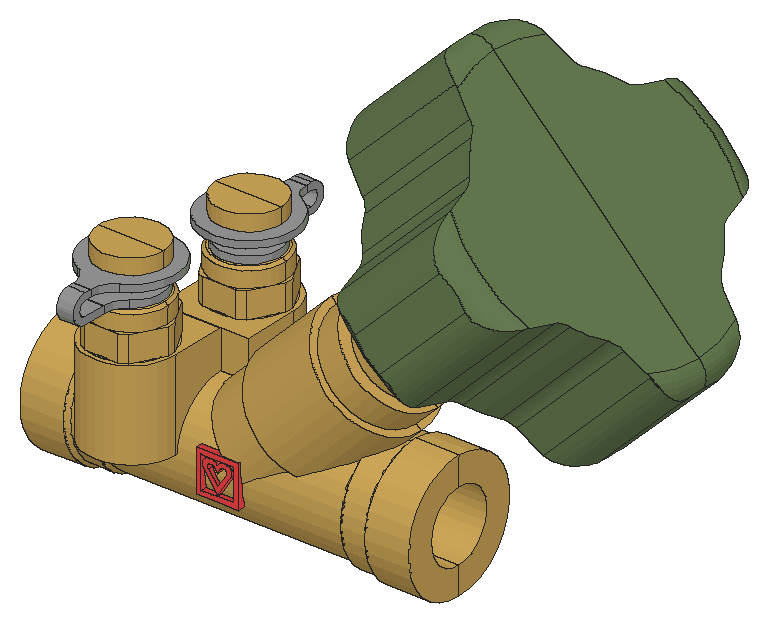
Revit family "Балансировочный клапан с диафрагмой для систем питьевого водоснабжения 4017 MW (LF-MF)", category Rohrzubehör, Revit 2019
Family settings
  Bemaßung runder Anschluss = Durchmesser verwenden
  Teiletyp = Unterbricht
  OmniClass-Nummer = 23.65.55.14
  OmniClass-Titel = Valves for Liquid Services
  Arbeitsebenenbasiert = Nein
  Immer vertikal = Ja
  Beim Laden mit Abzugskörper schneiden = Nein
  Gemeinsam genutzt = Nein
Parameters (values of type "MF")
  Среда = "Питьевая вода"  # constant formula
  Примечание = "В соответствии со статьей 33 Регламента REACH (Registration; Evaluation; Authorisation; Restriction of Chemicals) (EC № 1907/2006) мы обязаны указать, что свинец внесен в список SVHC (Substances of Very High Concern - вещества очень высокой важности) и весовой процент свинца во всех латунных компонентах заводского изготовления в наших изделиях, превышает 0,1 % (w/w) (CAS: 7439-92-1 / EINECS: 231-100-4).\r\nПоскольку свинец является легирующим компонентом сплава, прямое негативное влияние исключается, и поэтому дополнительной информации о безопасном использовании не требуется."
  Область применения = "Для перекрытия трубопроводов и регулирования систем питьевого водоснабжения в зданиях или для гидравлической балансировки водоподающих трубопроводов."
  Номер заказа [instance] = if(and(Nennweite = 15.000 mm, LF), 2401700, if(and(Nennweite = 15.000 mm, MF), 2401709, 0))  # 2401709
  Маховик = "пластик, цвет - зеленый"  # constant formula
  Корпус = "латунь, устойчивая к селективной цинковой коррозии"  # constant formula
  Исполнение = "В соответствии с нормами BS 7350 PN20, серия В, балансировочный клапан с наклонным шпинделем производится из медных сплавов.\r\nВсе металлические части, контактирующие с водой, изготовлены из латуни, устойчивой к селективной цинковой коррозии.\r\nКран-букса - с неподнимающимся шпинделем."
  kvs-значения [instance] = if(and(Nennweite = 15.000 mm, LF), 0.46, if(and(Nennweite = 15.000 mm, MF), 0.88, 0))  # 0.88
  kv-значения диафрагмы [instance] = if(and(Nennweite = 15.000 mm, LF), 0.48, if(and(Nennweite = 15.000 mm, MF), 0.97, 0))  # 0.97
  W01 = 45.00°  # constant formula
  URL = "www.herz-armaturen.ru"
  SW01 = 60.00°  # constant formula
  SCRNSEQ = "FW;SBT_TYP_FW=\"109\";2"
  SCRNCODE = "04;00;02"  # constant formula
  S03 = 60.000 mm  # constant formula
  S02 [instance] = L04 + L06 + L07  # 76.800 mm
  S01 [instance] = D01 * 2  # 27.000 mm
  R03 = 21.500 mm  # constant formula
  R02 = 9.500 mm  # constant formula
  R01 = 12.000 mm  # constant formula
  O-Ring = "EPDM"  # constant formula
  MF = yes
  LF = no
  L10 [instance] = 28.500 mm  # constant formula
  L09 [instance] = 22.500 mm  # constant formula
  L08 [instance] = 12.700 mm  # constant formula
  L07 [instance] = 35.100 mm  # constant formula
  L06 [instance] = 6.500 mm  # constant formula
  L05 [instance] = 20.200 mm  # constant formula
  L04 [instance] = 35.200 mm  # constant formula
  L03 [instance] = 1.000 mm  # constant formula
  H03 [instance] = H01 - 19.000 mm  # 1.000 mm
  H02 = 13.000 mm  # constant formula
  E01 [instance] = L00 / -2  # -41.500 mm
  E00 = 0.000 mm  # constant formula
  D09 [instance] = 11.750 mm  # constant formula
  D08 [instance] = 9.500 mm  # constant formula
  D07 [instance] = 12.000 mm  # constant formula
  D06 [instance] = 13.500 mm  # constant formula
  D05 [instance] = 12.500 mm  # constant formula
  D04 [instance] = Nennweite / 2  # 7.500 mm
  IG [instance] = Nennweite / 2  # 7.500 mm
  D03 [instance] = 11.900 mm  # constant formula
  D02 [instance] = 12.700 mm  # constant formula
  D01 [instance] = 13.500 mm  # constant formula
  Nennweite [instance] = 15.000 mm  # constant formula
  Макс. перепад давления на закрытом седле = 1000000.0 Pa  # constant formula
  Макс. рабочая температура при 10 бар = 85 °C  # constant formula
  Макс. рабочее давление при 20 °C = 2000000.0 Pa  # constant formula
  L02 [instance] = 5.000 mm  # constant formula
  L01 [instance] = 9.250 mm  # constant formula
  L00 [instance] = 83.000 mm  # constant formula
  Hersteller = "HERZ Armaturen Ges.m.b.H."  # constant formula
  H01 [instance] = 20.000 mm  # constant formula
  GT [instance] = 13.200 mm  # constant formula
  DN15 [instance] = Nennweite = 15.000 mm  # yes
Types (3, lengths in mm): name | Номер заказа | kvs-значения | kv-значения диафрагмы | MF | LF
  (no name) | 2401709 | 0.88 | 0.97 | yes | no
  LF | 2401700 | 0.46 | 0.48 | no | yes
  MF | 2401709 | 0.88 | 0.97 | yes | no
Reference planes
  plane 1 "Mitte (Vorne/hinten)": y = 0
  plane 2: z = 0
  plane 3 "Mitte (Links/rechts)": x = 0
Forms (mm)
  Revolve 1, solid, material "Messing, weicher Gelbton, geschweißt", detail levels fine
    sketch origin (470, 0, 0) x (1, 0, 0) y (0, 0, 1)
      loop
        line (-511.5, 7.5) -> (-498.3, 7.5) -> (-498.3, 0) -> (-441.7, 0) -> (-441.7, 7.5) -> (-428.5, 7.5) -> (-428.5, 13.5) -> (-437.75, 13.5) -> (-438.55, 12.7) -> (-443.55, 12.7) -> (-444.35, 11.9) -> (-495.65, 11.9) -> (-496.45, 12.7) -> (-501.45, 12.7) -> (-502.25, 13.5) -> (-511.5, 13.5) -> (-511.5, 7.5)
      axis (-511.5, 0) -> (-428.5, 0)
    angle from 0 to 360
  Revolve 2, solid, material "Messing, weicher Gelbton, geschweißt", detail levels fine
    sketch origin (0.32, 0, -0.105) x (1, 0, 0) y (0, 0, 1)
      loop
        line (-1.32, 0.105) -> (52.986, 54.411) -> (44.677, 62.719) -> (35.697, 53.739) -> (37.288, 52.148) -> (21.449, 36.309) -> (19.681, 38.076) -> (15.085, 33.48) -> (14.024, 34.541) -> (-0.259, 20.257) -> (0.448, 19.55) -> (-7.098, 12.005) -> (-6.623, 5.408) -> (-1.32, 0.105)
      axis (-1.32, 0.105) -> (52.986, 54.411)
    angle from 0 to 360
  Extrusion 3, solid, material "Messing, weicher Gelbton, geschweißt", detail levels fine
    sketch origin (0, 0, 0) x (1, 0, 0) y (0, 1, 0)
      loop
        arc (-28.5, -12) -> (-19, -21.5) -> (-9.5, -12) r 9.5
        line (-9.5, -12) -> (-9.5, 0) -> (-28.5, 0) -> (-28.5, -12)
    from 1 <- "H03" to 20 <- "H01"
  Extrusion 4, solid, material "Messing, weicher Gelbton, geschweißt", detail levels fine
    sketch origin (0, 0, 0) x (1, 0, 0) y (0, 1, 0)
      loop
        line (-22.5, 12) -> (-22.5, 0) -> (-3.5, 0) -> (-3.5, 12)
        arc (-3.5, 12) -> (-13, 21.5) -> (-22.5, 12) r 9.5
    from 0 to 20 <- "H01"
Lines and regions (mm)
  model lines, detail levels coarse+medium
    curve 1: line (-41.5, 0, 13.5) -> (-41.5, 0, -13.5)
    curve 2: line (-41.5, 0, -13.5) -> (41.5, 0, 13.5)
    curve 3: line (41.5, 0, 13.5) -> (41.5, 0, -13.5)
    curve 4: line (41.5, 0, -13.5) -> (-41.5, 0, 13.5)
    curve 5: line (0, 0, 0) -> (38.4, 0, 66.511)
    curve 6: line (12.419, 0, 81.511) -> (64.381, 0, 51.511)
    curve 7: line (-41.5, -13.5, 0) -> (-41.5, 13.5, 0)
    curve 8: line (-41.5, 13.5, 0) -> (41.5, -13.5, 0)
    curve 9: line (41.5, -13.5, 0) -> (41.5, 13.5, 0)
    curve 10: line (41.5, 13.5, 0) -> (-41.5, -13.5, 0)
    curve 11: line (0, 0, 0) -> (38.4, 66.511, 0)
    curve 12: line (12.419, 81.511, 0) -> (64.381, 51.511, 0)
Dimensions and locks
  "L00": Revolve 1 sketch curve to Revolve 1 sketch curve
  equal spacing: Revolve 1 sketch curve, plane 3 "Mitte (Links/rechts)", Revolve 1 sketch curve
  "D01": Revolve 1 sketch curve to Revolve 1 sketch curve  (x2)
  "GT": Revolve 1 sketch curve to Revolve 1 sketch curve  (x2)
  "D06": Revolve 2 sketch curve to Revolve 2 sketch curve
  "D07": Revolve 2 sketch curve to Revolve 2 sketch curve
  "D08": Revolve 2 sketch curve to Revolve 2 sketch curve
  "D09": Revolve 2 sketch curve to Revolve 2 sketch curve
  equal spacing: curve 1, plane 3 "Mitte (Links/rechts)", curve 3
  "L00": curve 1 to curve 3
  equal spacing: curve 4, plane 2, curve 2
  "S01": curve 4 to curve 1
  "S01": curve 3 to curve 4
  equal spacing: curve 3, plane 2, curve 4
  "S02": curve 5 to curve 5
  equal spacing: curve 6, curve 5, curve 6
  "S03": curve 6 to curve 6
  equal spacing: curve 7, plane 3 "Mitte (Links/rechts)", curve 9
  "L00": curve 7 to curve 9
  equal spacing: curve 10, plane 1 "Mitte (Vorne/hinten)", curve 8
  "S01": curve 8 to curve 10
  equal spacing: curve 9, plane 1 "Mitte (Vorne/hinten)", curve 10
  "S01": curve 10 to curve 9
  "S02": curve 11 to curve 11
  equal spacing: curve 12, curve 11, curve 12
  "S03": curve 12 to curve 12
  "L01": Revolve 1 sketch curve to Revolve 1 sketch curve  (x2)
  "D02": Revolve 1 sketch curve to plane 2  (x2)
  "D03": Revolve 1 sketch curve to plane 2
  "IG": Revolve 1 sketch curve to plane 2  (x2)
  "L02": Revolve 1 sketch curve to Revolve 1 sketch curve  (x2)
  "L04": Revolve 2 sketch curve to Revolve 2 sketch curve
  "L05": Revolve 2 sketch curve to Revolve 2 sketch curve
  "D03": Revolve 2 sketch curve to plane 2
  "L06": Revolve 2 sketch curve to Revolve 2 sketch curve
  "L08": Revolve 2 sketch curve to Revolve 2 sketch curve
  "L07": Revolve 2 sketch curve to Revolve 2 sketch curve
  "D04": Revolve 2 sketch curve to Revolve 2 sketch curve
  "D05": Revolve 2 sketch curve to Revolve 2 sketch curve
  "L03": plane 3 "Mitte (Links/rechts)" to Revolve 2 sketch curve  (x2)
  "D03": nested 1 to plane 1 "Mitte (Vorne/hinten)"
  "L09": Revolve 1 to Extrusion 3 sketch curve
  "R01": Extrusion 3 sketch curve to plane 1 "Mitte (Vorne/hinten)"
  "R01": plane 1 "Mitte (Vorne/hinten)" to Extrusion 4 sketch curve
  "L10": Revolve 1 to Extrusion 4 sketch curve
  "H01": nested 3 to plane 2
  "H01": nested 2 to plane 2
  "R01": nested 3 to plane 1 "Mitte (Vorne/hinten)"
  "R01": plane 1 "Mitte (Vorne/hinten)" to nested 2
  "L10": Revolve 1 to nested 2
  "L09": Revolve 1 to nested 3
  "R02": radius of Extrusion 3 sketch curve
  "R02": radius of Extrusion 4 sketch curve
  "W01": angle level to Revolve 2 sketch curve
  "SW01": angle plane 2 to curve 5
  "SW01": angle plane 1 "Mitte (Vorne/hinten)" to curve 11
  "W01": angle Revolve 1 sketch curve to Revolve 1 sketch curve  (x4)
  "W01": angle plane 2 to Revolve 2 sketch curve
  aligned and locked: level to plane 2
Automatic sketch dimensions
  curve 5 to level = 0.000 mm
  plane 1 "Mitte (Vorne/hinten)" to curve 11 = 0.000 mm
  Revolve 1 sketch curve to level = 0.000 mm  (x2)
  Revolve 1 sketch curve to Revolve 1 sketch curve = 791.990 mm
  Revolve 1 sketch curve to Revolve 1 sketch curve = 2278.983 mm
  Revolve 2 sketch curve to level = 0.000 mm  (x2)
  plane 1 "Mitte (Vorne/hinten)" to Extrusion 3 sketch curve = 0.000 mm
  plane 1 "Mitte (Vorne/hinten)" to Extrusion 4 sketch curve = 0.000 mm
Nested families
  nested 1: "Herz-Logo-vorne" at (0, -11.9, 0) x (0, 1, 0) z (0, 0, 1), type "Herz-Logo-vorne", detail levels fine
  nested 2: "Messstutzen_Band_Austritt_senkrecht_(oben)" at (-13, 12, 2.5), type "Messstutzen_Band_Austritt_senkrecht_(oben)"
    with Schutzkappe yes, Nennweite 0.000 mm, Gewicht 0.00 kg, Bestellnummer 0
  nested 3: "Messstutzen_Band_Eintritt_senkrecht_(oben)" at (-19, -12, 2.5) x (-1, 0, 0) z (0, 0, 1), type "Messstutzen_Band_Eintritt_senkrecht_(oben)"
    with Schutzkappe yes, Nennweite 0.000 mm, Gewicht 0.00 kg, Bestellnummer 0
  nested 4: "Strangregulierventil-Handrad (Grün) DN15-DN32" at (53.306, 0, 54.306), visible <- "DN15", type "Strangregulierventil-Handrad (Grün) DN15-DN32"
    with Nennweite 0.000 mm, Gewicht 0.00 kg, Bestellnummer 0
Connectors
  piping at (-28.3, 0, 0), diameter 15, driven by "Nennweite"
    settings: on Revolve 1, index 1, connector inside diameter 609.6 mm, connector length 0.000 mm, flow factor 0, pipe flow 0.0 L/s, pressure drop 0.0 Pa, fitting loss kfactor 0, connector angle 0.00°, fixture units 0, engagement length 0.000 mm, angle of deflection 0.00°, flow configuration 0, flow direction 1, fitting loss method 0, system type 29, joint type 0, gender type 0, connector reference index -1, connector utility 0, adjustable connector no, is connector primary yes, connector description ""
  piping at (28.3, 0, 0), diameter 15, driven by "Nennweite"
    settings: on Revolve 1, index 2, connector inside diameter 609.6 mm, connector length 0.000 mm, flow factor 0, pipe flow 0.0 L/s, pressure drop 0.0 Pa, fitting loss kfactor 0, connector angle 0.00°, fixture units 0, engagement length 0.000 mm, angle of deflection 0.00°, flow configuration 0, flow direction 2, fitting loss method 0, system type 29, joint type 0, gender type 0, connector reference index -1, connector utility 0, adjustable connector no, is connector primary no, connector description ""
Definition of nested family "Herz-Logo-vorne"
  Reference planes
    plane 1 "Mitte (Vorne/hinten)": y = 0
    plane 2: z = 0
    plane 3 "Mitte (Links/rechts)": x = 0
  Forms (mm)
    Extrusion 1, solid
      sketch origin (0.732, -0.018, 0.017) x (0, -1, 0) y (0, 0, 1)
        loop
          line (-0.018, -4.517) -> (4.482, -4.517) -> (4.482, 4.483) -> (-4.518, 4.483) -> (-4.518, -4.517) -> (-0.018, -4.517)
        loop
          line (-0.05, -3.48) -> (3.482, -3.48) -> (3.482, 3.483) -> (-3.518, 3.483) -> (-3.518, -3.48) -> (-0.05, -3.48)
        loop
          arc (-0.018, 2.383) -> (-1.543, 3.287) -> (-3.067, 2.383) r 1.738
          arc (-3.067, 2.383) -> (-3.191, 1.899) -> (-3.067, 1.415) r 1.009
          line (-3.067, 1.415) -> (-0.018, -3.281) -> (3.032, 1.415)
          arc (3.032, 1.415) -> (3.156, 1.899) -> (3.032, 2.383) r 1.009
          arc (3.032, 2.383) -> (1.507, 3.287) -> (-0.018, 2.383) r 1.738
        loop
          arc (1.885, 1.272) -> (2.005, 1.675) -> (1.885, 2.079) r 0.74
          arc (1.885, 2.079) -> (1.265, 2.416) -> (0.644, 2.079) r 0.74
          line (0.644, 2.079) -> (-0.018, 0.97) -> (-0.679, 2.079)
          arc (-0.679, 2.079) -> (-1.3, 2.416) -> (-1.921, 2.079) r 0.74
          arc (-1.921, 2.079) -> (-2.04, 1.675) -> (-1.921, 1.272) r 0.74
          line (-1.921, 1.272) -> (-0.018, -1.658) -> (1.885, 1.272)
      from 0 to 1.5
  Dimensions and locks
    aligned and locked: level to plane 2
Definition of nested family "Messstutzen_Band_Austritt_senkrecht_(oben)"
  Parameters (values of type "Messstutzen_Band_Austritt_senkrecht_(oben)")
    URL = "www.herz-armaturen.at"
    Schutzkappe [instance] = yes
    Nennweite [instance] = 0.000 mm
    Manufacturer = "Herz Armaturen GmbH"  # constant formula
    Gewicht [instance] = 0.00 kg
    Bestellnummer [instance] = 0
  Reference planes
    plane 1 "Mitte (Vorne/hinten)": y = 0
    plane 2: z = 0
    plane 3 "Mitte (Links/rechts)": x = 0
    plane 4 "Schlaufe 1": z = -27
    plane 5 "Schlaufe 2": z = -31.678
  Forms (mm)
    Revolve 1, solid, detail levels fine
      sketch origin (0, 0, 0) x (1, 0, 0) y (0, 0, 1)
        loop
          line (-7.4, 9) -> (-5.55, 9) -> (-5.55, 6)
          arc (-5.55, 6) -> (-5.626, 5.617) -> (-5.843, 5.293) r 1
          line (-5.843, 5.293) -> (-6.455, 4.681) -> (-6.455, 0.9) -> (-5.555, 0) -> (-2, 0) -> (-2, 17.5) -> (-8.4, 17.5)
          arc (-8.4, 17.5) -> (-7.693, 17.207) -> (-7.4, 16.5) r 1
          line (-7.4, 16.5) -> (-7.4, 9)
        loop
          line (-3.7, 27) -> (-7.3, 27) -> (-7.9, 26.4) -> (-7.9, 23) -> (-2, 23) -> (-2, 35.8) -> (-3.805, 35.8) -> (-4.415, 35.19) -> (-4.415, 30.863) -> (-3.7, 30.45) -> (-3.7, 27)
        axis (0, 0) -> (0, 35.8)
      angle from 0 to 360
    Extrusion 2, solid, detail levels fine
      sketch origin (0, 0, 17.5) x (0, 1, 0) y (-1, 0, 0)
        loop
          arc (-7.07, 5.156) -> (-7.578, 4.375) -> (-8, 3.544) r 8.75
          line (-8, 3.544) -> (-8, -3.544)
          arc (-8, -3.544) -> (-7.578, -4.375) -> (-7.07, -5.156) r 8.75
          line (-7.07, -5.156) -> (-0.93, -8.7)
          arc (-0.93, -8.7) -> (0, -8.75) -> (0.93, -8.7) r 8.75
          line (0.93, -8.7) -> (7.07, -5.156)
          arc (7.07, -5.156) -> (7.578, -4.375) -> (8, -3.544) r 8.75
          line (8, -3.544) -> (8, 3.544)
          arc (8, 3.544) -> (7.578, 4.375) -> (7.07, 5.156) r 8.75
          line (7.07, 5.156) -> (0.93, 8.7)
          arc (0.93, 8.7) -> (0, 8.75) -> (-0.93, 8.7) r 8.75
          line (-0.93, 8.7) -> (-7.07, 5.156)
      from 0 to 5.5
    Revolve 3, solid, visible <- "Schutzkappe", detail levels fine
      sketch origin (0, 0, 0) x (1, 0, 0) y (0, 0, 1)
        loop
          line (0, 35.878) -> (0, 36.678) -> (-7, 36.678) -> (-7, 33.378) -> (-6.1, 33.378) -> (-6.1, 31.678) -> (-6.9, 31.678) -> (-6.9, 30.178) -> (-4.415, 30.178) -> (-4.415, 35.268) -> (-3.805, 35.878) -> (0, 35.878)
        axis (0, 30.178) -> (0, 36.678)
      angle from 0 to 360
    Extrusion 4, solid, detail levels fine
      sketch origin (0, 0, 28.5) x (1, 0, 0) y (0, 1, 0)
        loop
          circle (0, 0) r 3.7
        loop
          arc (-3.906, 5.505) -> (0, -6.75) -> (3.906, 5.505) r 6.75
          arc (3.906, 5.505) -> (2.358, 7.288) -> (1.8, 9.582) r 5
          line (1.8, 9.582) -> (-1.8, 9.582)
          arc (-1.8, 9.582) -> (-2.358, 7.288) -> (-3.906, 5.505) r 5
      from 0 to -1.5
    Extrusion 5, solid, detail levels fine
      sketch origin (0, 0, 33.178) x (1, 0, 0) y (0, 1, 0)
        loop
          circle (0, 0) r 6.1
        loop
          arc (-4.495, 8.652) -> (0, -9.75) -> (4.495, 8.652) r 9.75
          arc (4.495, 8.652) -> (2.527, 10.493) -> (1.8, 13.089) r 5
          line (1.8, 13.089) -> (-1.8, 13.089)
          arc (-1.8, 13.089) -> (-2.527, 10.493) -> (-4.495, 8.652) r 5
      from 0 to -1.5
    Sweep 6, solid, detail levels fine
      path origin (0, 0, 0) x (0, 0, -1) y (0, -1, 0)
        loop
          line (-27.75, -9.582) -> (-27.75, -14.522)
          arc (-27.75, -14.522) -> (-30.089, -16.862) -> (-32.428, -14.522) r 2.339
          line (-32.428, -14.522) -> (-32.428, -13.089)
      profile origin (0, 12.052, 27.75) x (0, 0, 1) y (1, 0, 0)
        loop
          line (-0.75, -1.8) -> (0.75, -1.8) -> (0.75, 1.8) -> (-0.75, 1.8) -> (-0.75, -1.8)
  Dimensions and locks
    aligned and locked: level to plane 2
Definition of nested family "Messstutzen_Band_Eintritt_senkrecht_(oben)"
  Parameters (values of type "Messstutzen_Band_Eintritt_senkrecht_(oben)")
    URL = "www.herz-armaturen.at"
    Schutzkappe [instance] = yes
    Nennweite [instance] = 0.000 mm
    Manufacturer = "Herz Armaturen GmbH"  # constant formula
    Gewicht [instance] = 0.00 kg
    Bestellnummer [instance] = 0
  Reference planes
    plane 1 "Mitte (Vorne/hinten)": y = 0
    plane 2: z = 0
    plane 3 "Mitte (Links/rechts)": x = 0
    plane 4 "Schlaufe 1": z = -27
    plane 5 "Schlaufe 2": z = -31.678
  Forms (mm)
    Revolve 1, solid, detail levels fine
      sketch origin (0, 0, 0) x (1, 0, 0) y (0, 0, 1)
        loop
          line (-7.4, 9) -> (-5.55, 9) -> (-5.55, 6)
          arc (-5.55, 6) -> (-5.626, 5.617) -> (-5.843, 5.293) r 1
          line (-5.843, 5.293) -> (-6.455, 4.681) -> (-6.455, 0.9) -> (-5.555, 0) -> (-2, 0) -> (-2, 17.5) -> (-8.4, 17.5)
          arc (-8.4, 17.5) -> (-7.693, 17.207) -> (-7.4, 16.5) r 1
          line (-7.4, 16.5) -> (-7.4, 9)
        loop
          line (-3.7, 27) -> (-7.3, 27) -> (-7.9, 26.4) -> (-7.9, 23) -> (-2, 23) -> (-2, 35.8) -> (-3.805, 35.8) -> (-4.415, 35.19) -> (-4.415, 30.863) -> (-3.7, 30.45) -> (-3.7, 27)
        axis (0, 0) -> (0, 35.8)
      angle from 0 to 360
    Extrusion 2, solid, detail levels fine
      sketch origin (0, 0, 17.5) x (0, 1, 0) y (-1, 0, 0)
        loop
          arc (-7.07, 5.156) -> (-7.578, 4.375) -> (-8, 3.544) r 8.75
          line (-8, 3.544) -> (-8, -3.544)
          arc (-8, -3.544) -> (-7.578, -4.375) -> (-7.07, -5.156) r 8.75
          line (-7.07, -5.156) -> (-0.93, -8.7)
          arc (-0.93, -8.7) -> (0, -8.75) -> (0.93, -8.7) r 8.75
          line (0.93, -8.7) -> (7.07, -5.156)
          arc (7.07, -5.156) -> (7.578, -4.375) -> (8, -3.544) r 8.75
          line (8, -3.544) -> (8, 3.544)
          arc (8, 3.544) -> (7.578, 4.375) -> (7.07, 5.156) r 8.75
          line (7.07, 5.156) -> (0.93, 8.7)
          arc (0.93, 8.7) -> (0, 8.75) -> (-0.93, 8.7) r 8.75
          line (-0.93, 8.7) -> (-7.07, 5.156)
      from 0 to 5.5
    Revolve 3, solid, visible <- "Schutzkappe", detail levels fine
      sketch origin (0, 0, 0) x (1, 0, 0) y (0, 0, 1)
        loop
          line (0, 35.878) -> (0, 36.678) -> (-7, 36.678) -> (-7, 33.378) -> (-6.1, 33.378) -> (-6.1, 31.678) -> (-6.9, 31.678) -> (-6.9, 30.178) -> (-4.415, 30.178) -> (-4.415, 35.268) -> (-3.805, 35.878) -> (0, 35.878)
        axis (0, 30.178) -> (0, 36.678)
      angle from 0 to 360
    Extrusion 4, solid, detail levels fine
      sketch origin (0, 0, 28.5) x (1, 0, 0) y (0, 1, 0)
        loop
          circle (0, 0) r 3.7
        loop
          arc (-3.906, 5.505) -> (0, -6.75) -> (3.906, 5.505) r 6.75
          arc (3.906, 5.505) -> (2.358, 7.288) -> (1.8, 9.582) r 5
          line (1.8, 9.582) -> (-1.8, 9.582)
          arc (-1.8, 9.582) -> (-2.358, 7.288) -> (-3.906, 5.505) r 5
      from 0 to -1.5
    Extrusion 5, solid, detail levels fine
      sketch origin (0, 0, 33.178) x (1, 0, 0) y (0, 1, 0)
        loop
          circle (0, 0) r 6.1
        loop
          arc (-4.495, 8.652) -> (0, -9.75) -> (4.495, 8.652) r 9.75
          arc (4.495, 8.652) -> (2.527, 10.493) -> (1.8, 13.089) r 5
          line (1.8, 13.089) -> (-1.8, 13.089)
          arc (-1.8, 13.089) -> (-2.527, 10.493) -> (-4.495, 8.652) r 5
      from 0 to -1.5
    Sweep 6, solid, detail levels fine
      path origin (0, 0, 0) x (0, 0, -1) y (0, -1, 0)
        loop
          line (-27.75, -9.582) -> (-27.75, -14.522)
          arc (-27.75, -14.522) -> (-30.089, -16.862) -> (-32.428, -14.522) r 2.339
          line (-32.428, -14.522) -> (-32.428, -13.089)
      profile origin (0, 12.052, 27.75) x (0, 0, 1) y (1, 0, 0)
        loop
          line (-0.75, -1.8) -> (0.75, -1.8) -> (0.75, 1.8) -> (-0.75, 1.8) -> (-0.75, -1.8)
  Dimensions and locks
    aligned and locked: level to plane 2
Definition of nested family "Strangregulierventil-Handrad (Grün) DN15-DN32"
  Parameters (values of type "Strangregulierventil-Handrad (Grün) DN15-DN32")
    URL = "www.herz-armaturen.at"
    Nennweite [instance] = 0.000 mm
    Manufacturer = "Herz Armaturen GmbH"  # constant formula
    Gewicht [instance] = 0.00 kg
    Bestellnummer [instance] = 0
  Reference planes
    plane 1 "Mitte (Vorne/hinten)": y = 0
    plane 2: z = 0
    plane 3 "Mitte (Links/rechts)": x = 0
  Forms (mm)
    Revolve 1, solid, detail levels fine
      sketch origin (0, 0, 0) x (0.707107, 0, -0.707107) y (0.707107, 0, 0.707107)
        loop
          line (0, 0) -> (0, 24.95) -> (-30.992, 24.95)
          arc (-30.992, 24.95) -> (-34.37, 23.636) -> (-35.973, 20.386) r 5
          line (-35.973, 20.386) -> (-37, 8.65) -> (-35.986, -2.936)
          arc (-35.986, -2.936) -> (-34.383, -6.186) -> (-31.005, -7.5) r 5
          line (-31.005, -7.5) -> (-15, -7.5) -> (-15, 0) -> (0, 0)
        axis (0, 24.95) -> (0, -7.5)
      angle from 0 to 360
    Extrusion 2, void
      sketch origin (14.354, 0, 14.354) x (0.707107, 0, -0.707107) y (0, 1, 0)
        loop
          line (3.861, 35.5) -> (-3.861, 35.5)
          arc (-3.861, 35.5) -> (-8.731, 33.847) -> (-11.589, 29.571) r 8
          line (-11.589, 29.571) -> (-13.284, 23.245)
          arc (-13.284, 23.245) -> (-13.982, 21.722) -> (-15.144, 20.516) r 5
          arc (-15.144, 20.516) -> (-18.031, 18.031) -> (-20.516, 15.144) r 25.5
          arc (-20.516, 15.144) -> (-21.722, 13.982) -> (-23.245, 13.284) r 5
          line (-23.245, 13.284) -> (-29.571, 11.589)
          arc (-29.571, 11.589) -> (-33.847, 8.731) -> (-35.5, 3.861) r 8
          line (-35.5, 3.861) -> (-35.5, -3.861)
          arc (-35.5, -3.861) -> (-33.847, -8.731) -> (-29.571, -11.589) r 8
          line (-29.571, -11.589) -> (-23.245, -13.284)
          arc (-23.245, -13.284) -> (-21.722, -13.982) -> (-20.516, -15.144) r 5
          arc (-20.516, -15.144) -> (-18.031, -18.031) -> (-15.144, -20.516) r 25.5
          arc (-15.144, -20.516) -> (-13.982, -21.722) -> (-13.284, -23.245) r 5
          line (-13.284, -23.245) -> (-11.589, -29.571)
          arc (-11.589, -29.571) -> (-8.731, -33.847) -> (-3.861, -35.5) r 8
          line (-3.861, -35.5) -> (3.861, -35.5)
          arc (3.861, -35.5) -> (8.731, -33.847) -> (11.589, -29.571) r 8
          line (11.589, -29.571) -> (13.284, -23.245)
          arc (13.284, -23.245) -> (13.982, -21.722) -> (15.144, -20.516) r 5
          arc (15.144, -20.516) -> (18.031, -18.031) -> (20.516, -15.144) r 25.5
          arc (20.516, -15.144) -> (21.722, -13.982) -> (23.245, -13.284) r 5
          line (23.245, -13.284) -> (29.571, -11.589)
          arc (29.571, -11.589) -> (33.847, -8.731) -> (35.5, -3.861) r 8
          line (35.5, -3.861) -> (35.5, 3.861)
          arc (35.5, 3.861) -> (33.847, 8.731) -> (29.571, 11.589) r 8
          line (29.571, 11.589) -> (23.245, 13.284)
          arc (23.245, 13.284) -> (21.722, 13.982) -> (20.516, 15.144) r 5
          arc (20.516, 15.144) -> (18.031, 18.031) -> (15.144, 20.516) r 25.5
          arc (15.144, 20.516) -> (13.982, 21.722) -> (13.284, 23.245) r 5
          line (13.284, 23.245) -> (11.589, 29.571)
          arc (11.589, 29.571) -> (8.731, 33.847) -> (3.861, 35.5) r 8
        loop
          circle (0, 0) r 38
      from -31.266 to 7.923
  Cuts and joins
    Extrusion 2 cuts Revolve 1
  Dimensions and locks
    Revolve 1 sketch curve to Revolve 1 sketch curve = 15.000 mm
    Revolve 1 sketch curve to Revolve 1 sketch curve = 16.150 mm
    Revolve 1 sketch curve to Revolve 1 sketch curve = 16.300 mm
    angle Revolve 1 sketch curve to Revolve 1 sketch curve = 95.00°
    aligned and locked: level to plane 2
